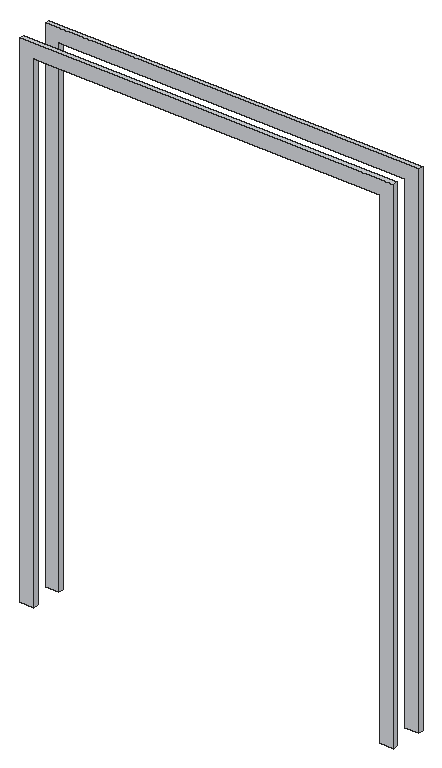
Revit family "Cua_Kinh_Cuong_Luc_2Canh_Bat2Chieu", category Doors, host Wall, Revit 2025
Family settings
  Host = Wall
  OmniClass Number = 23.30.10.00
  OmniClass Title = Doors
  Always vertical = Yes
  Cut with Voids When Loaded = No
  Shared = No
  Room Calculation Point = No
Parameters (values of type "D1 - Kính Cường Lực 10mm 2 Cánh")
  Function = Interior
  Frame Projection Ext. = 25 mm
  Frame Projection Int. = 25 mm
  Frame Width = 75 mm
  Height = 2700 mm
  Wall Closure = By host
  Width = 1900 mm
  Description = "Cửa kính cường lực 10mm 2 cánh bản lề sàn bật 2 chiều (D1)"
Reference planes
  plane 1: y = 0
  plane 2 "Center (Left/Right)": x = 0
  plane 3 "Left": x = -950
  plane 4 "Right": x = 950
  plane 5: z = 2700
  plane 6 "Exterior": y = 75
  plane 7 "Interior": y = -75
Forms (mm)
  Extrusion 1, solid
    sketch origin (-3050, -75, 0) x (1, 0, 0) y (0, 0, 1)
      loop
        line (2025, 0) -> (2100, 0) -> (2100, 2700) -> (4000, 2700) -> (4000, 0) -> (4075, 0) -> (4075, 2775) -> (2025, 2775) -> (2025, 0)
    from 0 to 25
  Extrusion 2, solid
    sketch origin (-3050, 75, 0) x (-1, 0, 0) y (0, 0, 1)
      loop
        line (-2100, 0) -> (-2025, 0) -> (-2025, 2775) -> (-4075, 2775) -> (-4075, 0) -> (-4000, 0) -> (-4000, 2700) -> (-2100, 2700) -> (-2100, 0)
    from 0 to 25
Lines and regions (mm)
  Opening 1
    outline origin (-3050, -75, 0) x (1, 0, 0) y (0, 0, 1)
      loop
        line (2100, 0) -> (4000, 0) -> (4000, 2700) -> (2100, 2700) -> (2100, 0)
  symbolic lines, style "Elevation Swing"
    curve 1: line (950, -75, 1350) -> (-950, -75, 2700)
    curve 2: line (950, -75, 1350) -> (-950, -75, 0)
  symbolic lines, style "Plan Swing"
    curve 3: arc (0, 0, 0) -> (-278.249, 671.751, 0) -> (-950, 950, 0) r 950
    curve 4: arc (-950, -950, 0) -> (-278.249, -671.751, 0) -> (0, 0, 0) r 950
    curve 5: arc (950, 950, 0) -> (278.249, 671.751, 0) -> (0, 0, 0) r 950
    curve 6: arc (0, 0, 0) -> (278.249, -671.751, 0) -> (950, -950, 0) r 950
  symbolic lines, style "DoorsPanelProjection"
    curve 7: line (-950, 0, 0) -> (-278.249, -671.751, 0)
    curve 8: line (950, 0, 0) -> (278.249, -671.751, 0)
Text (mm)
  text "Exterior" at (-1376.75, 1099.543, 0), in view "Ref. Level"
  text "Exterior" at (0, 1615.38, 3698.081), in view "Left"
  text "Exterior" at (0, 1036.032, 3874.932), in view "Right"
Dimensions and locks
  equal spacing: plane 3 "Left", plane 2 "Center (Left/Right)", plane 4 "Right"
  "Width": plane 3 "Left" to plane 4 "Right"
  "Height": plane 5 to host wall
  equal spacing: host wall, curve 2, plane 5
  host wall to plane 5 = 2700 mm
  "Frame Projection Ext.": Extrusion 2 to Extrusion 2
  "Frame Projection Int.": Extrusion 1 to Extrusion 1
  "Frame Width": plane 3 "Left" to Extrusion 1 sketch curve
  "Frame Width": plane 4 "Right" to Extrusion 1 sketch curve
  "Frame Width": Extrusion 1 sketch curve to plane 5
  "Frame Width": plane 4 "Right" to Extrusion 2 sketch curve
  "Frame Width": plane 3 "Left" to Extrusion 2 sketch curve
  "Frame Width": plane 5 to Extrusion 2 sketch curve
  locked: plane 6 "Exterior" to host wall
  locked: plane 7 "Interior" to host wall
  aligned and locked: plane 3 "Left" to Opening 1 sketch curve
  aligned and locked: plane 5 to Opening 1 sketch curve  (x2)
  aligned and locked: Opening 1 sketch curve to plane 4 "Right"
  aligned and locked: Opening 1 sketch curve to level
  aligned and locked: level to Extrusion 1 sketch curve
  aligned and locked: plane 5 to Extrusion 1 sketch curve  (x2)
  aligned and locked: Extrusion 1 sketch curve to plane 4 "Right"
  aligned and locked: plane 3 "Left" to Extrusion 1 sketch curve
  aligned and locked: plane 3 "Left" to Extrusion 2 sketch curve
  aligned and locked: plane 5 to Extrusion 2 sketch curve  (x2)
  aligned and locked: level to Extrusion 2 sketch curve
  aligned and locked: plane 5 to curve 1
  aligned and locked: plane 3 "Left" to curve 2
  aligned and locked: plane 1 to host wall
  aligned and locked: plane 3 "Left" to curve 1
Automatic sketch dimensions
  Extrusion 2 sketch curve to plane 4 "Right" = 0 mm
  Extrusion 1 sketch curve to level = 0 mm
  Extrusion 2 sketch curve to level = 0 mm
  plane 4 "Right" to curve 2 = 0 mm
  curve 2 to level = 0 mm
  curve 3 to plane 3 "Left" = 0 mm
  host wall to curve 3 = 0 mm
  curve 3 to curve 4 = 0 mm
  curve 4 to plane 2 "Center (Left/Right)" = 0 mm
  curve 5 to plane 4 "Right" = 0 mm
  curve 5 to curve 6 = 0 mm
  curve 6 to plane 2 "Center (Left/Right)" = 0 mm
  host wall to curve 7 = 0 mm
  curve 7 to plane 3 "Left" = 0 mm
  curve 7 to plane 2 "Center (Left/Right)" = 278.249 mm
  host wall to curve 8 = 0 mm
  curve 8 to plane 4 "Right" = 0 mm
  curve 7 to curve 8 = 0 mm
